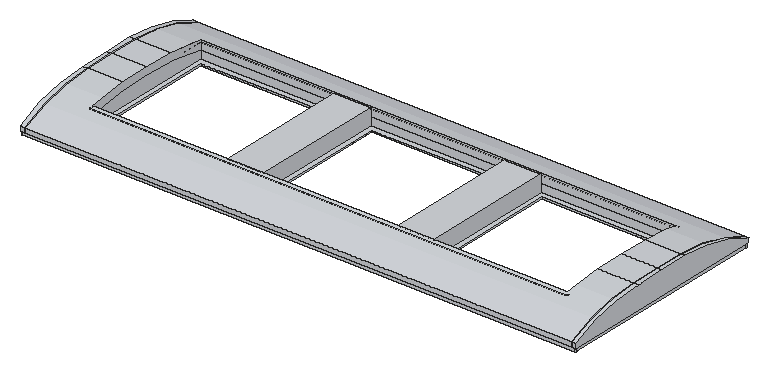
Revit family "Gira_0213395", category Electrical Fixtures, host Face, Revit 2017
Family settings
  Host = Face
  Maintain Annotation Orientation = No
  Round Connector Dimension = Use Diameter
  Part Type = Normal
  Cut with Voids When Loaded = No
  Shared = No
  Room Calculation Point = No
Parameters (values of type "Cov.fr. 3-g interm.fr. PW Gira Event Opaque mint")
  With mounting grid = "No"
  With hinged lid = "No"
  URL = "http://katalog.gira.de/en/datenblatt.html?artikelnr=0213395"
  Type of fastening = "Clamp mounting"
  Transparent = "No"
  Surface protection = "Other"
  Suitable for wall duct = "No"
  Suitable for flush-mounted installation = "Yes"
  Suitable for floor box = "No"
  Suitable for built-in installation = "No"
  Number of units vertical = "3"
  Number of units horizontal = "3"
  Number of units = "3"
  Name = "Cov.fr. 3-g interm.fr. PW Gira Event Opaque mint"
  Mounting direction = "Horizontal and vertical"
  Material quality = "Thermoplastic"
  Material = "Plastic"
  Manufacturer URL = "https://www.gira.de/"
  Manufacturer = "Gira"
  Label space/information surface = "No"
  Keynote = ""
  HeinzeBIM = "https://bimportal.heinze.de/bim/cov-fr-3-g-interm-fr-pw-gira-event-opaque-mint/4b507cf7a72d39928150d19d5af1afb2441edf01"
  Halogen free = "Yes"
  HAN = "0213395"
  GTIN = "4010337074465"
  Description = "Cov.fr.3g i.fr.PW EvOp MI,Gira Event Opaque frames,mint with pure white glossy intermediate frame,3-gang,Features:,- Shatter-proof."
  Degree of protection (IP) = "IP20"
  Default Elevation = 1219.2 mm
  Data sheet (1) = "https://katalog.gira.de/en/download.html?artikelnr=0213395"
  Colour = "Other"
  Category = "Cover frame for domestic switching devices"
  BIM (1) = "https://media.stage.bim.site/public/gira/36a6b08/Event_Rahmen_3fach.rfa"
  Available = "No"
Reference planes
  plane 1 "Center (Front/Back)": y = 0
  plane 2: z = 0
  plane 3 "Center (Left/Right)": x = 0
Forms (mm)
  Extrusion 1, solid, detail levels fine
    sketch origin (0, 0, 0.05) x (0, 1, 0) y (0, 0, 1)
      loop
        arc (12.445, 9.683) -> (6.223, 9.833) -> (0, 9.85) r 291.636
        arc (0, 9.85) -> (-6.223, 9.833) -> (-12.445, 9.683) r 291.636
        arc (-12.445, 9.683) -> (-29.14, 7.482) -> (-45, 1.823) r 79.728
        line (-45, 1.823) -> (-45, -0.05) -> (-42.086, -0.05)
        arc (-42.086, -0.05) -> (-21.385, 5.559) -> (0, 7.206) r 114.424
        arc (0, 7.206) -> (21.385, 5.559) -> (42.086, -0.05) r 114.424
        line (42.086, -0.05) -> (45, -0.05) -> (45, 1.823)
        arc (45, 1.823) -> (29.14, 7.482) -> (12.445, 9.683) r 79.728
    from -114.3 to 114.3
  Extrusion 2, void, detail levels fine
    sketch origin (0, 0, 0) x (1, 0, 0) y (0, 1, 0)
      loop
        line (-99.355, -28.053) -> (99.355, -28.053) -> (99.355, 28.053) -> (-99.355, 28.053) -> (-99.355, -28.053)
    from 0.724 to 11
  Extrusion 3, solid, detail levels coarse
    sketch origin (0, 0, 0) x (1, 0, 0) y (0, 1, 0)
      loop
        line (-116.3, 45) -> (-116.3, -45) -> (116.3, -45) -> (116.3, 45) -> (-116.3, 45)
    from -1.5 to 9.9
  Extrusion 4, solid, detail levels medium
    sketch origin (0, 0, 0.05) x (0, 1, 0) y (0, 0, 1)
      loop
        arc (12.445, 9.683) -> (6.223, 9.833) -> (0, 9.85) r 291.636
        arc (0, 9.85) -> (-6.223, 9.833) -> (-12.445, 9.683) r 291.636
        arc (-12.445, 9.683) -> (-29.14, 7.482) -> (-45, 1.823) r 79.728
        line (-45, 1.823) -> (-45, -0.05) -> (45, -0.05) -> (45, 1.823)
        arc (45, 1.823) -> (29.14, 7.482) -> (12.445, 9.683) r 79.728
    from -116.3 to 116.3
  Extrusion 5, solid, detail levels fine
    sketch origin (-71.3, 0, -1.5) x (0, 1, 0) y (0, 0, -1)
      loop
        line (45, -3.373) -> (45, -1.5) -> (-45, -1.5) -> (-45, -3.373)
        arc (-45, -3.373) -> (-29.14, -9.032) -> (-12.445, -11.233) r 79.728
        arc (-12.445, -11.233) -> (-6.223, -11.383) -> (0, -11.4) r 291.636
        arc (0, -11.4) -> (6.223, -11.383) -> (12.445, -11.233) r 291.636
        arc (12.445, -11.233) -> (29.14, -9.032) -> (45, -3.373) r 79.728
    from 43 to 45
  Extrusion 6, solid, detail levels fine
    sketch origin (0, 0, 0) x (1, 0, 0) y (0, 1, 0)
      loop
        line (-97.195, 25.7) -> (-97.195, -25.7) -> (-45.395, -25.7) -> (-45.395, 25.7) -> (-97.195, 25.7)
      loop
        line (25.9, -25.7) -> (25.9, 25.7) -> (-25.9, 25.7) -> (-25.9, -25.7) -> (25.9, -25.7)
      loop
        line (-100.19, 28.49) -> (-100.19, -28.495)
        spline (-100.19, -28.495) -> (-100.181, -28.625) -> (-100.156, -28.754) -> (-100.113, -28.878) -> (-100.056, -28.995) -> (-99.983, -29.104) -> (-99.897, -29.202) -> (-99.798, -29.288) -> (-99.69, -29.361) -> (-99.572, -29.419) -> (-99.448, -29.461) -> (-99.32, -29.486) -> (-99.19, -29.495)
        line (-99.19, -29.495) -> (99.195, -29.495)
        spline (99.195, -29.495) -> (99.325, -29.486) -> (99.454, -29.461) -> (99.578, -29.419) -> (99.695, -29.361) -> (99.804, -29.288) -> (99.902, -29.202) -> (99.988, -29.104) -> (100.061, -28.995) -> (100.119, -28.878) -> (100.161, -28.754) -> (100.186, -28.625) -> (100.195, -28.495)
        line (100.195, -28.495) -> (100.195, 28.49)
        spline (100.195, 28.49) -> (100.186, 28.62) -> (100.161, 28.748) -> (100.119, 28.872) -> (100.061, 28.99) -> (99.988, 29.098) -> (99.902, 29.197) -> (99.804, 29.283) -> (99.695, 29.356) -> (99.578, 29.413) -> (99.454, 29.456) -> (99.325, 29.481) -> (99.195, 29.49)
        line (99.195, 29.49) -> (-99.19, 29.49)
        spline (-99.19, 29.49) -> (-99.32, 29.481) -> (-99.448, 29.456) -> (-99.572, 29.413) -> (-99.69, 29.356) -> (-99.798, 29.283) -> (-99.897, 29.197) -> (-99.983, 29.098) -> (-100.056, 28.99) -> (-100.113, 28.872) -> (-100.156, 28.748) -> (-100.181, 28.62) -> (-100.19, 28.49)
      loop
        line (97.2, -25.7) -> (97.2, 25.7) -> (45.4, 25.7) -> (45.4, -25.7) -> (97.2, -25.7)
    from 0.1 to 7.3
  Extrusion 7, solid
    sketch origin (0, 0, 0) x (1, 0, 0) y (0, 1, 0)
      loop
        arc (-116, -44.2) -> (-115.854, -44.554) -> (-115.5, -44.7) r 0.5
        line (-115.5, -44.7) -> (115.5, -44.7)
        arc (115.5, -44.7) -> (115.854, -44.554) -> (116, -44.2) r 0.5
        line (116, -44.2) -> (116, 44.2)
        arc (116, 44.2) -> (115.854, 44.554) -> (115.5, 44.7) r 0.5
        line (115.5, 44.7) -> (-115.5, 44.7)
        arc (-115.5, 44.7) -> (-115.854, 44.554) -> (-116, 44.2) r 0.5
        line (-116, 44.2) -> (-116, -44.2)
      loop
        line (-114.3, 43) -> (-114.3, -43) -> (114.3, -43) -> (114.3, 43) -> (-114.3, 43)
    from -1.5 to 0.5
  Extrusion 8, solid, detail levels fine
    sketch origin (71.3, 0, -1.5) x (0, 1, 0) y (0, 0, 1)
      loop
        arc (45, 3.373) -> (29.14, 9.032) -> (12.445, 11.233) r 79.728
        arc (12.445, 11.233) -> (6.223, 11.383) -> (0, 11.4) r 291.636
        arc (0, 11.4) -> (-6.223, 11.383) -> (-12.445, 11.233) r 291.636
        arc (-12.445, 11.233) -> (-29.14, 9.032) -> (-45, 3.373) r 79.728
        line (-45, 3.373) -> (-45, 1.5) -> (45, 1.5) -> (45, 3.373)
    from 43 to 45
  Extrusion 9, solid, detail levels medium
    sketch origin (0, 0, 0) x (1, 0, 0) y (0, 1, 0)
      loop
        line (-116, -44.7) -> (116, -44.7) -> (116, 44.7) -> (-116, 44.7) -> (-116, -44.7)
    from -1.5 to 0.5
  Extrusion 10, solid, detail levels fine
    sketch origin (-34.207, 0, 0) x (1, 0, 0) y (0, 1, 0)
      loop
        line (-8.943, 28.063) -> (-8.943, -27.937) -> (6.057, -27.937) -> (6.057, 28.063) -> (-8.943, 28.063)
    from 0.724 to 7.566
  Extrusion 11, solid, detail levels fine
    sketch origin (34.207, 0, 0) x (-1, 0, 0) y (0, -1, 0)
      loop
        line (-8.943, -28.063) -> (6.057, -28.063) -> (6.057, 27.937) -> (-8.943, 27.937) -> (-8.943, -28.063)
    from 0.724 to 7.566
Cuts and joins
  Extrusion 2 cuts Extrusion 1
  Extrusion 2 cuts Extrusion 6
Dimensions and locks
  aligned and locked: plane 2 to host face
  aligned and locked: level to host face
